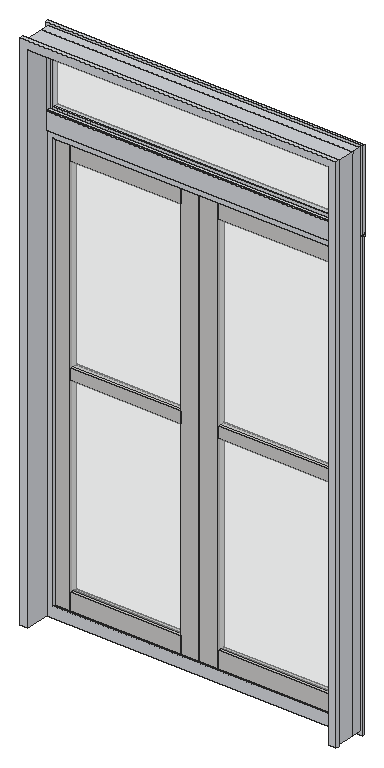
Revit family "APL Residential Thermal Heart French Door with Overlight Open Out", category Doors, host Wall, Revit 2017 (continued)
Definition of nested family "APL Residential Thermal Heart French Door with Overlight Open Out Horizontal Section"
  Definition of nested family "Keeper&Lock Stile"
    Definition of nested family "65240_Rebated Keeper Stile"
      Lines and regions (mm)
        model lines, in view "Ref. Level"
          curve 245: arc (47.479, 7.979, 0) -> (47.128, 7.615, 0) -> (47, 7.126, 0) r 1
          curve 246: arc (47, 5.55, 0) -> (47.128, 5.332, 0) -> (47.38, 5.337, 0) r 0.25
          curve 247: arc (47.466, 5.389, 0) -> (47.572, 5.521, 0) -> (47.569, 5.691, 0) r 0.25
          curve 248: arc (48.823, 6.456, 0) -> (48.898, 6.489, 0) -> (48.979, 6.5, 0) r 0.3
          curve 249: arc (49.5, 6.5, 0) -> (49.658, 6.422, 0) -> (49.694, 6.25, 0) r 0.2
          curve 250: line (49.246, 1.5, 0) -> (47.179, 2.043, 0)
          curve 251: line (47.179, 2.043, 0) -> (46.993, 2.352, 0)
          curve 252: line (46.659, 2.441, 0) -> (46.295, 2.078, 0)
          curve 253: line (46.208, 1.892, 0) -> (46.001, -0.474, 0)
          curve 254: line (46.403, -0.782, 0) -> (47.813, -0.268, 0)
          curve 255: line (48.583, 0, 0) -> (50.3, 0, 0)
          curve 256: line (50.5, -0.2, 0) -> (50.5, -17.5, 0)
          curve 257: line (51, -18, 0) -> (51.5, -18, 0)
          curve 258: line (52, -17.5, 0) -> (52, 86.2, 0)
          curve 259: line (51.6, 86.2, 0) -> (51.6, 86, 0)
          curve 260: line (51.6, 86, 0) -> (43, 86, 0)
          curve 261: line (42.5, 85.5, 0) -> (42.5, 84.25, 0)
          curve 262: line (43.5, 84.25, 0) -> (43.5, 84.8, 0)
          curve 263: line (43.7, 85, 0) -> (44.8, 85, 0)
          curve 264: line (45, 84.8, 0) -> (45, 79.7, 0)
          curve 265: line (44.8, 79.5, 0) -> (43.7, 79.5, 0)
          curve 266: line (43.5, 79.7, 0) -> (43.5, 80.25, 0)
          curve 267: line (42.5, 80.25, 0) -> (42.5, 78.7, 0)
          curve 268: line (42.7, 78.5, 0) -> (46, 78.5, 0)
          curve 269: line (46.5, 79, 0) -> (46.5, 84, 0)
          curve 270: line (47, 84.5, 0) -> (49.6, 84.5, 0)
          curve 271: line (50.1, 84, 0) -> (50.1, 68.5, 0)
          curve 272: line (49.6, 68, 0) -> (44.78, 68, 0)
          curve 273: line (44.58, 67.8, 0) -> (44.58, 67.2, 0)
          curve 274: line (44.38, 67, 0) -> (42.583, 67, 0)
          curve 275: line (41.813, 67.268, 0) -> (40.403, 67.782, 0)
          curve 276: line (40.001, 67.474, 0) -> (40.208, 65.108, 0)
          curve 277: line (40.295, 64.922, 0) -> (40.659, 64.559, 0)
          curve 278: line (40.993, 64.648, 0) -> (41.038, 64.816, 0)
          curve 279: line (41.038, 64.816, 0) -> (43.168, 65.49, 0)
          curve 280: line (43.168, 65.49, 0) -> (43.4, 65.5, 0)
          curve 281: line (43.5, 64.753, 0) -> (43.5, 61.525, 0)
          curve 282: line (43.5, 61.525, 0) -> (43.694, 60.75, 0)
          curve 283: line (43.5, 60.5, 0) -> (42.979, 60.5, 0)
          curve 284: line (42.979, 60.5, 0) -> (41.569, 61.309, 0)
          curve 285: line (41, 61.45, 0) -> (41, 59.874, 0)
          curve 286: line (41.479, 59.021, 0) -> (42.049, 58.673, 0)
          curve 287: line (42.309, 58.6, 0) -> (44.9, 58.6, 0)
          curve 288: line (45.4, 59.1, 0) -> (45.4, 65.091, 0)
          curve 289: line (46.429, 66.1, 0) -> (49.6, 66.1, 0)
          curve 290: line (50.1, 65.6, 0) -> (50.1, 12.4, 0)
          curve 291: line (49.6, 11.9, 0) -> (45.3, 11.9, 0)
          curve 292: line (45.1, 11.7, 0) -> (45.1, 10.1, 0)
          curve 293: line (45.3, 9.9, 0) -> (49.9, 9.9, 0)
          curve 294: line (50.1, 9.7, 0) -> (50.1, 8.7, 0)
          curve 295: line (49.9, 8.5, 0) -> (48.613, 8.5, 0)
          curve 296: line (48.092, 8.354, 0) -> (47.479, 7.979, 0)
          curve 297: line (47, 7.126, 0) -> (47, 5.55, 0)
          curve 298: line (47.569, 5.691, 0) -> (48.823, 6.456, 0)
          curve 299: line (48.823, 6.456, 0) -> (49.5, 6.5, 0)
          curve 300: line (49.694, 6.25, 0) -> (49.506, 5.525, 0)
          curve 301: line (49.506, 5.525, 0) -> (49.5, 2.242, 0)
          curve 302: arc (50.1, 68.5, 0) -> (49.954, 68.146, 0) -> (49.6, 68, 0) r 0.5
      Text (mm)
        text "65240" at (12.231, 108.974, 0), in view "Ref. Level"
Definition of nested family "APL Residential Thermal Heart French Door with Overlight Open Out Vertical Section"
  Parameters (values of type "Groove")
    Sill Liner = no
    Overligth Glass [instance] = Overlight - 66 mm  # 334 mm
    Overlight [instance] = 400 mm
    Liner End [instance] = 10 mm
    Liner Block = Liner : Liner
    Liner [instance] = 100 mm
    Head Liner = yes
    Groove [instance] = 10 mm
    Glass Length [instance] = (Box Height - Overlight) / 2 - 168 mm  # 132 mm
    Box Height [instance] = 1000 mm
  Types (2, lengths in mm): name | Sill Liner | Liner Block
    Groove | no | Liner : Liner
    No Groove | yes | Liner No Groove : Liner No Groove
  Reference planes
    plane 1 "Front": x = -362.196
    plane 2: z = 0
    plane 3 "Center (Elevation)": y = 484.526
    plane 4: y = 884.526
    plane 5: y = -115.474
    plane 6: x = -304.745
    plane 7: y = -120.474
    plane 8: x = -349.196
    plane 9: x = -303.196
    plane 10: x = -344.196
    plane 11: y = 184.526
  Dimensions and locks
    "Box Height": plane 4 to plane 5
    "Liner": plane 6 to nested 1
    locked: plane 5 to plane 7 at 5
    "Liner": plane 9 to nested 5
    locked: plane 8 to plane 10 at 5
    locked: nested 5 to nested 2 at 32.284
    equal spacing: plane 5, plane 11, plane 3 "Center (Elevation)"
    "Overlight": plane 3 "Center (Elevation)" to plane 4
    locked: nested 6 to nested 9 at 6.328
    locked: nested 11 to nested 6 at 6.328
    nested 11 to plane 3 "Center (Elevation)" to nested 9 = 146.137 mm locked, 44.028 mm locked
    nested 6 to plane 3 "Center (Elevation)" to nested 6 = 43.55 mm locked, 43.55 mm locked
    locked: nested 8 to nested 7 at 6.316
    locked: nested 8 to plane 4 at 22.316
    nested 3 to plane 11 to nested 12 = 16.328 mm locked, 16.328 mm locked
    locked: nested 10 to nested 12 at 6.328
    locked: nested 3 to nested 10 at 6.328
    nested 10 to plane 11 to nested 10 = 29 mm locked, 29 mm locked
    locked: nested 2 to nested 4 at 6.328
    locked: plane 5 to nested 4 at 124.395
    locked: nested 7 to nested 1 at 14.6
    aligned and locked: nested 5 to plane 9
    aligned and locked: plane 4 to nested 7
  Nested families
    nested 1: "Liner" at (-303.245, 864.126, 0), a setting <- "Liner Block", End Liner <- "Liner End", Groove <- "Groove", visible <- "Head Liner", type "", in view "Left"
      with built-in parameter 1001306 0.32316 (stored number, unit not read)
    nested 2: "Open Out Head&Sill" at (-349.196, -115.474, 0), type "Sill", in view "Left"
    nested 3: "Glazing Bead" at (-346.557, 168.198, 0), Glass Lenght <- "Glass Length", type "", in view "Left"
      with Glass Lenght 132 mm
    nested 4: "Glazing Bead" at (-346.557, 8.921, 0), Glass Lenght <- "Glass Length", type "", in view "Left"
      with Glass Lenght 132 mm
    nested 5: "Liner" at (-303.196, -94.758, 0), a setting <- "Liner Block", End Liner <- "Liner End", Groove <- "Groove", visible <- "Sill Liner", type "", in view "Left"
      with built-in parameter 1001306 0.32808 (stored number, unit not read)
    nested 6: "Overlight Open Out Detail" at (-331.643, 484.526, 0), type "Open Out Head&Sill", in view "Left"
    nested 7: "65180_Sidelight Frame" at (-319.745, 884.526, 0) x (0, -1, 0) z (0, 0, 1), type "65180_Sidelight Frame", in view "Left"
    nested 8: "Glazing Bead" at (-346.705, 862.21, 0), Glass Lenght <- "Overligth Glass", type "", in view "Left"
      with Glass Lenght 334 mm
    nested 9: "Glazing Bead" at (-346.705, 528.554, 0), Glass Lenght <- "Overligth Glass", type "", in view "Left"
      with Glass Lenght 334 mm
    nested 10: "65290_Vision Rail" at (-335.157, 184.526, 0), type "65290_Vision Rail", in view "Left"
    nested 11: "Glazing Bead" at (-346.557, 338.389, 0), Glass Lenght <- "Glass Length", type "", in view "Left"
      with Glass Lenght 132 mm
    nested 12: "Glazing Bead" at (-346.557, 200.854, 0), Glass Lenght <- "Glass Length", type "", in view "Left"
      with Glass Lenght 132 mm
  Definition of nested family "Liner"
    Parameters (values of type "Liner")
      Type Image = (empty or 0)
      system length 1 [instance] = 100 mm
      Groove [instance] = 10 mm
      End Liner [instance] = 10 mm
    Reference planes
      plane 1 "Center (Front/Back)": y = 0
      plane 2: z = 0
      plane 3 "Left": x = 0
      plane 4 "Right": x = 100
    Lines and regions (mm)
      Filled region 1, type "Brick", in view "Ref. Level"
        outline origin (0, 0, 0) x (1, 0, 0) y (0, 1, 0)
          loop
            line (0, 0) -> (120, 0) -> (120, 19) -> (110, 19) -> (110, 13.435) -> (100, 13.435) -> (100, 19) -> (0, 19) -> (0, 0)
      reference lines, in view "Ref. Level"
        curve 1: line (0, 0, 0) -> (100, 0, 0)
      detail lines, in view "Ref. Level", detail levels fine
        curve 2: line (100, 0, 0) -> (0, 0, 0)
    Dimensions and locks
      "system length 1": plane 3 "Left" to plane 4 "Right"
      locked: Filled region 1 to curve 2 at 19
      "Groove": plane 4 "Right" to Filled region 1
      "End Liner": Filled region 1 to Filled region 1
      aligned and locked: plane 1 "Center (Front/Back)" to curve 1
      aligned and locked: plane 3 "Left" to curve 1
      aligned and locked: plane 4 "Right" to curve 1
      aligned and locked: curve 1 to Filled region 1
      aligned and locked: plane 1 "Center (Front/Back)" to Filled region 1
      aligned and locked: Filled region 1 to plane 3 "Left"
    Automatic sketch dimensions
      curve 2 to plane 4 "Right" = 0 mm
      Filled region 1 sketch curve to plane 3 "Left" = 0 mm
      Filled region 1 sketch curve to plane 4 "Right" = 0 mm
      Filled region 1 sketch curve to Filled region 1 sketch curve = 10 mm  (x2)
      Filled region 1 sketch curve to plane 1 "Center (Front/Back)" = 0 mm
      Filled region 1 sketch curve to plane 1 "Center (Front/Back)" = 13.435 mm
      Filled region 1 sketch curve to Filled region 1 sketch curve = 5.565 mm  (x2)
      curve 2 to plane 3 "Left" = 0 mm
  Definition of nested family "Open Out Head&Sill"
    Reference planes
      plane 1 "Center (Front/Back)": y = 0
      plane 2: z = 0
      plane 3 "Center (Left/Right)": x = 0
    Lines and regions (mm)
      detail lines, in view "Ref. Level"
        curve 1: arc (27.921, 138.423, 0) -> (27.611, 138.563, 0) -> (27.449, 138.264, 0) r 0.25
        curve 2: arc (27.475, 128.376, 0) -> (27.637, 128.077, 0) -> (27.948, 128.217, 0) r 0.25
        curve 3: line (27.449, 138.264, 0) -> (28.443, 134.396, 0)
        curve 4: line (28.443, 134.396, 0) -> (27.439, 133.817, 0)
        curve 5: line (27.439, 133.817, 0) -> (27.439, 132.817, 0)
        curve 6: line (27.439, 132.817, 0) -> (28.465, 132.225, 0)
        curve 7: line (28.465, 132.225, 0) -> (27.475, 128.376, 0)
        curve 8: line (27.948, 128.217, 0) -> (29.672, 132.317, 0)
        curve 9: line (29.672, 132.317, 0) -> (30.939, 132.317, 0)
        curve 10: line (30.939, 132.317, 0) -> (30.939, 131.067, 0)
        curve 11: line (30.939, 131.067, 0) -> (31.939, 131.067, 0)
        curve 12: line (31.939, 131.067, 0) -> (31.939, 135.567, 0)
        curve 13: line (31.939, 135.567, 0) -> (30.939, 135.567, 0)
        curve 14: line (30.939, 135.567, 0) -> (30.939, 134.317, 0)
        curve 15: line (30.939, 134.317, 0) -> (29.647, 134.317, 0)
        curve 16: line (29.647, 134.317, 0) -> (27.921, 138.423, 0)
        curve 17: arc (27.921, 135.423, 0) -> (27.611, 135.563, 0) -> (27.449, 135.264, 0) r 0.25
        curve 18: arc (27.475, 125.376, 0) -> (27.637, 125.077, 0) -> (27.948, 125.217, 0) r 0.25
        curve 19: line (27.449, 135.264, 0) -> (28.443, 131.396, 0)
        curve 20: line (28.443, 131.396, 0) -> (27.439, 130.817, 0)
        curve 21: line (27.439, 130.817, 0) -> (27.439, 129.817, 0)
        curve 22: line (27.439, 129.817, 0) -> (28.465, 129.225, 0)
        curve 23: line (28.465, 129.225, 0) -> (27.475, 125.376, 0)
        curve 24: line (27.948, 125.217, 0) -> (29.672, 129.317, 0)
        curve 25: line (29.672, 129.317, 0) -> (30.939, 129.317, 0)
        curve 26: line (30.939, 129.317, 0) -> (30.939, 128.067, 0)
        curve 27: line (30.939, 128.067, 0) -> (31.939, 128.067, 0)
        curve 28: line (31.939, 128.067, 0) -> (31.939, 132.567, 0)
        curve 29: line (31.939, 132.567, 0) -> (30.939, 132.567, 0)
        curve 30: line (30.939, 132.567, 0) -> (30.939, 131.317, 0)
        curve 31: line (30.939, 131.317, 0) -> (29.647, 131.317, 0)
        curve 32: line (29.647, 131.317, 0) -> (27.921, 135.423, 0)
        curve 33: arc (43.239, 49.459, 0) -> (43.098, 49.401, 0) -> (43.039, 49.259, 0) r 0.2
        curve 34: arc (43.039, 46.539, 0) -> (42.981, 46.398, 0) -> (42.839, 46.339, 0) r 0.2
        curve 35: arc (41.739, 46.339, 0) -> (41.032, 46.632, 0) -> (40.739, 47.339, 0) r 1
        curve 36: arc (40.304, 45.421, 0) -> (39.422, 44.539, 0) -> (38.539, 45.421, 0) r 0.882
        curve 37: arc (38.539, 47.651, 0) -> (38.545, 47.752, 0) -> (38.56, 47.852, 0) r 1
        curve 38: arc (39.401, 51.942, 0) -> (39.95, 52.665, 0) -> (40.814, 52.939, 0) r 1.5
        curve 39: arc (42.039, 52.939, 0) -> (42.747, 52.646, 0) -> (43.039, 51.939, 0) r 1
        curve 40: arc (47.988, 51.439, 0) -> (48.168, 51.327, 0) -> (48.146, 51.116, 0) r 0.2
        curve 41: arc (46.796, 48.416, 0) -> (46.657, 48.31, 0) -> (46.487, 48.354, 0) r 0.2
        curve 42: line (43.039, 49.259, 0) -> (43.039, 46.539, 0)
        curve 43: line (42.839, 46.339, 0) -> (42.439, 46.339, 0)
        curve 44: line (42.439, 46.339, 0) -> (41.739, 46.339, 0)
        curve 45: line (40.739, 47.339, 0) -> (40.739, 50.344, 0)
        curve 46: line (40.739, 50.344, 0) -> (40.312, 47.702, 0)
        curve 47: line (40.312, 47.702, 0) -> (40.304, 45.421, 0)
        curve 48: line (38.539, 45.421, 0) -> (38.539, 47.651, 0)
        curve 49: line (38.56, 47.852, 0) -> (39.401, 51.942, 0)
        curve 50: line (40.944, 52.939, 0) -> (42.039, 52.939, 0)
        curve 51: line (43.039, 51.939, 0) -> (43.039, 51.439, 0)
        curve 52: line (43.039, 51.439, 0) -> (47.988, 51.439, 0)
        curve 53: line (48.146, 51.116, 0) -> (46.796, 48.416, 0)
        curve 54: line (46.487, 48.354, 0) -> (45.203, 49.459, 0)
        curve 55: arc (45.203, 49.459, 0) -> (44.221, 49.592, 0) -> (43.239, 49.459, 0) r 3.701
        curve 56: arc (48.146, 51.116, 0) -> (48.168, 51.327, 0) -> (47.988, 51.439, 0) r 0.2
        curve 57: arc (43.239, 46.459, 0) -> (43.098, 46.401, 0) -> (43.039, 46.259, 0) r 0.2
        curve 58: arc (43.039, 43.539, 0) -> (42.981, 43.398, 0) -> (42.839, 43.339, 0) r 0.2
        curve 59: arc (41.739, 43.339, 0) -> (41.032, 43.632, 0) -> (40.739, 44.339, 0) r 1
        curve 60: arc (40.304, 42.421, 0) -> (39.422, 41.539, 0) -> (38.539, 42.421, 0) r 0.882
        curve 61: arc (38.539, 44.651, 0) -> (38.545, 44.752, 0) -> (38.56, 44.852, 0) r 1
        curve 62: arc (39.401, 48.942, 0) -> (39.95, 49.665, 0) -> (40.814, 49.939, 0) r 1.5
        curve 63: arc (42.039, 49.939, 0) -> (42.747, 49.646, 0) -> (43.039, 48.939, 0) r 1
        curve 64: arc (47.988, 48.439, 0) -> (48.168, 48.327, 0) -> (48.146, 48.116, 0) r 0.2
        curve 65: arc (46.796, 45.416, 0) -> (46.657, 45.31, 0) -> (46.487, 45.354, 0) r 0.2
        curve 66: line (43.039, 46.259, 0) -> (43.039, 43.539, 0)
        curve 67: line (42.839, 43.339, 0) -> (42.439, 43.339, 0)
        curve 68: line (42.439, 43.339, 0) -> (41.739, 43.339, 0)
        curve 69: line (40.739, 44.339, 0) -> (40.739, 47.344, 0)
        curve 70: line (40.739, 47.344, 0) -> (40.312, 44.702, 0)
        curve 71: line (40.312, 44.702, 0) -> (40.304, 42.421, 0)
        curve 72: line (38.539, 42.421, 0) -> (38.539, 44.651, 0)
        curve 73: line (38.56, 44.852, 0) -> (39.401, 48.942, 0)
        curve 74: line (40.944, 49.939, 0) -> (42.039, 49.939, 0)
        curve 75: line (43.039, 48.939, 0) -> (43.039, 48.439, 0)
        curve 76: line (43.039, 48.439, 0) -> (47.988, 48.439, 0)
        curve 77: line (48.146, 48.116, 0) -> (46.796, 45.416, 0)
        curve 78: line (46.487, 45.354, 0) -> (45.203, 46.459, 0)
        curve 79: arc (45.203, 46.459, 0) -> (44.221, 46.592, 0) -> (43.239, 46.459, 0) r 3.701
        curve 80: arc (48.146, 48.116, 0) -> (48.168, 48.327, 0) -> (47.988, 48.439, 0) r 0.2
    Nested families
      nested 1: "65310_Open Out Frame" at (0, 0, 0), type "65310_Open Out Frame", in view "Ref. Level"
      nested 2: "65200_Rail" at (-12.861, 40.067, 0), type "65200_Rail", in view "Ref. Level"
    Definition of nested family "65310_Open Out Frame"
      Reference planes
        plane 1 "Center (Front/Back)": y = 0
        plane 2: z = 0
        plane 3 "Center (Left/Right)": x = 0
      Lines and regions (mm)
        model lines, in view "Ref. Level"
          curve 1: arc (25.4, 8.561, 0) -> (25.517, 8.844, 0) -> (25.8, 8.961, 0) r 0.4
          curve 2: arc (26.093, 8.961, 0) -> (26.196, 8.947, 0) -> (26.293, 8.907, 0) r 0.4
          curve 3: arc (27.821, 8.022, 0) -> (28.111, 7.902, 0) -> (28.422, 7.861, 0) r 1.2
          curve 4: arc (29.345, 7.861, 0) -> (29.918, 7.68, 0) -> (30.284, 7.203, 0) r 1
          curve 5: arc (31.077, 5.024, 0) -> (31.224, 4.833, 0) -> (31.453, 4.761, 0) r 0.4
          curve 6: arc (37.947, 4.761, 0) -> (38.176, 4.833, 0) -> (38.323, 5.024, 0) r 0.4
          curve 7: arc (39.116, 7.203, 0) -> (39.482, 7.68, 0) -> (40.055, 7.861, 0) r 1
          curve 8: arc (40.978, 7.861, 0) -> (41.289, 7.902, 0) -> (41.579, 8.022, 0) r 1.2
          curve 9: arc (43.107, 8.907, 0) -> (43.204, 8.947, 0) -> (43.307, 8.961, 0) r 0.4
          curve 10: arc (43.6, 8.961, 0) -> (43.883, 8.844, 0) -> (44, 8.561, 0) r 0.4
          curve 11: arc (44, 5.161, 0) -> (43.883, 4.878, 0) -> (43.6, 4.761, 0) r 0.4
          curve 12: arc (43.307, 4.761, 0) -> (43.204, 4.775, 0) -> (43.107, 4.815, 0) r 0.4
          curve 13: arc (41.579, 5.699, 0) -> (41.285, 5.821, 0) -> (40.97, 5.861, 0) r 1.2
          curve 14: arc (40.97, 5.861, 0) -> (40.795, 5.808, 0) -> (40.684, 5.664, 0) r 0.3
          curve 15: arc (39.796, 3.224, 0) -> (39.649, 3.033, 0) -> (39.42, 2.961, 0) r 0.4
          curve 16: arc (29.98, 2.961, 0) -> (29.751, 3.033, 0) -> (29.604, 3.224, 0) r 0.4
          curve 17: arc (28.716, 5.664, 0) -> (28.605, 5.808, 0) -> (28.43, 5.861, 0) r 0.3
          curve 18: arc (28.43, 5.861, 0) -> (28.115, 5.821, 0) -> (27.821, 5.699, 0) r 1.2
          curve 19: arc (26.293, 4.815, 0) -> (26.196, 4.775, 0) -> (26.093, 4.761, 0) r 0.4
          curve 20: arc (25.8, 4.761, 0) -> (25.517, 4.878, 0) -> (25.4, 5.161, 0) r 0.4
          curve 21: line (25.8, 8.961, 0) -> (26.093, 8.961, 0)
          curve 22: line (26.293, 8.907, 0) -> (27.821, 8.022, 0)
          curve 23: line (28.422, 7.861, 0) -> (29.345, 7.861, 0)
          curve 24: line (30.284, 7.203, 0) -> (31.077, 5.024, 0)
          curve 25: line (31.453, 4.761, 0) -> (37.947, 4.761, 0)
          curve 26: line (38.323, 5.024, 0) -> (39.116, 7.203, 0)
          curve 27: line (40.055, 7.861, 0) -> (40.978, 7.861, 0)
          curve 28: line (41.579, 8.022, 0) -> (43.107, 8.907, 0)
          curve 29: line (43.307, 8.961, 0) -> (43.6, 8.961, 0)
          curve 30: line (44, 8.561, 0) -> (44, 5.161, 0)
          curve 31: line (43.6, 4.761, 0) -> (43.307, 4.761, 0)
          curve 32: line (43.107, 4.815, 0) -> (41.579, 5.699, 0)
          curve 33: line (40.684, 5.664, 0) -> (39.796, 3.224, 0)
          curve 34: line (39.42, 2.961, 0) -> (29.98, 2.961, 0)
          curve 35: line (29.604, 3.224, 0) -> (28.716, 5.664, 0)
          curve 36: line (27.821, 5.699, 0) -> (26.293, 4.815, 0)
          curve 37: line (26.093, 4.761, 0) -> (25.8, 4.761, 0)
          curve 38: line (25.4, 5.161, 0) -> (25.4, 8.561, 0)
          curve 39: arc (50, 52.5, 0) -> (49.854, 52.854, 0) -> (49.5, 53, 0) r 0.5
          curve 40: arc (43.2, 53, 0) -> (43.059, 52.941, 0) -> (43, 52.8, 0) r 0.2
          curve 41: arc (43, 51.6, 0) -> (43.059, 51.459, 0) -> (43.2, 51.4, 0) r 0.2
          curve 42: arc (48.3, 51.4, 0) -> (48.441, 51.341, 0) -> (48.5, 51.2, 0) r 0.2
          curve 43: arc (48.5, 48.1, 0) -> (48.441, 47.959, 0) -> (48.3, 47.9, 0) r 0.2
          curve 44: arc (45, 48.65, 0) -> (44.846, 48.881, 0) -> (44.573, 48.827, 0) r 0.25
          curve 45: arc (43, 44.6, 0) -> (43.059, 44.459, 0) -> (43.2, 44.4, 0) r 0.2
          curve 46: arc (43.2, 44.4, 0) -> (43.766, 44.634, 0) -> (44, 45.2, 0) r 0.8
          curve 47: arc (46.4, 46, 0) -> (46.8, 45.6, 0) -> (47.2, 46, 0) r 0.4
          curve 48: arc (46.2, 33.5, 0) -> (46.054, 33.854, 0) -> (45.7, 34, 0) r 0.5
          curve 49: arc (44, 34, 0) -> (43.293, 33.707, 0) -> (43, 33, 0) r 1
          curve 50: arc (43, 32.9, 0) -> (43.088, 32.688, 0) -> (43.3, 32.6, 0) r 0.3
          curve 51: arc (44.858, 32.6, 0) -> (45.363, 31.878, 0) -> (46.2, 31.6, 0) r 1.4
          curve 52: arc (47.9, 31.6, 0) -> (48.041, 31.541, 0) -> (48.1, 31.4, 0) r 0.2
          curve 53: arc (48.1, 26.5, 0) -> (47.807, 25.793, 0) -> (47.1, 25.5, 0) r 1
          curve 54: arc (43.083, 25.5, 0) -> (42.778, 25.301, 0) -> (42.505, 25.543, 0) r 0.3
          curve 55: arc (42.505, 25.543, 0) -> (42.439, 25.681, 0) -> (42.313, 25.768, 0) r 0.3
          curve 56: arc (40.903, 26.282, 0) -> (40.617, 26.238, 0) -> (40.501, 25.974, 0) r 0.3
          curve 57: arc (40.708, 23.608, 0) -> (40.735, 23.508, 0) -> (40.795, 23.422, 0) r 0.3
          curve 58: arc (41.159, 23.059, 0) -> (41.352, 23.007, 0) -> (41.493, 23.148, 0) r 0.2
          curve 59: arc (41.538, 23.316, 0) -> (41.59, 23.405, 0) -> (41.679, 23.457, 0) r 0.2
          curve 60: arc (43.9, 24, 0) -> (44.18, 23.807, 0) -> (44.1, 23.476, 0) r 0.3
          curve 61: arc (44.1, 23.476, 0) -> (44.026, 23.375, 0) -> (44, 23.253, 0) r 0.3
          curve 62: arc (44.194, 19.25, 0) -> (44.158, 19.078, 0) -> (44, 19, 0) r 0.2
          curve 63: arc (43.479, 19, 0) -> (43.398, 19.011, 0) -> (43.323, 19.044, 0) r 0.3
          curve 64: arc (42.069, 19.809, 0) -> (42.072, 19.979, 0) -> (41.966, 20.111, 0) r 0.25
          curve 65: arc (41.88, 20.163, 0) -> (41.65, 20.179, 0) -> (41.505, 20, 0) r 0.25
          curve 66: arc (41.255, 20, 0) -> (41.114, 19.941, 0) -> (41.055, 19.8, 0) r 0.2
          curve 67: arc (41.055, 18.984, 0) -> (41.102, 18.772, 0) -> (41.235, 18.6, 0) r 0.5
          curve 68: arc (43.92, 16.362, 0) -> (44.053, 16.19, 0) -> (44.1, 15.978, 0) r 0.5
          curve 69: arc (44.1, 12.522, 0) -> (44.053, 12.31, 0) -> (43.92, 12.138, 0) r 0.5
          curve 70: arc (41.235, 9.9, 0) -> (41.102, 9.728, 0) -> (41.055, 9.516, 0) r 0.5
          curve 71: arc (41.055, 8.7, 0) -> (41.114, 8.559, 0) -> (41.255, 8.5, 0) r 0.2
          curve 72: arc (41.505, 8.5, 0) -> (41.65, 8.321, 0) -> (41.88, 8.337, 0) r 0.25
          curve 73: arc (41.966, 8.389, 0) -> (42.072, 8.521, 0) -> (42.069, 8.691, 0) r 0.25
          curve 74: arc (43.322, 9.456, 0) -> (43.398, 9.489, 0) -> (43.479, 9.5, 0) r 0.3
          curve 75: arc (44, 9.5, 0) -> (44.158, 9.422, 0) -> (44.194, 9.25, 0) r 0.2
          curve 76: arc (44, 5.247, 0) -> (44.026, 5.125, 0) -> (44.1, 5.024, 0) r 0.3
          curve 77: arc (44.1, 5.024, 0) -> (44.18, 4.693, 0) -> (43.9, 4.5, 0) r 0.3
          curve 78: arc (41.679, 5.043, 0) -> (41.59, 5.095, 0) -> (41.538, 5.184, 0) r 0.2
          curve 79: arc (41.493, 5.352, 0) -> (41.352, 5.493, 0) -> (41.159, 5.441, 0) r 0.2
          curve 80: arc (40.795, 5.078, 0) -> (40.735, 4.992, 0) -> (40.708, 4.892, 0) r 0.3
          curve 81: arc (40.501, 2.526, 0) -> (40.617, 2.262, 0) -> (40.903, 2.218, 0) r 0.3
          curve 82: arc (42.313, 2.732, 0) -> (42.439, 2.819, 0) -> (42.505, 2.957, 0) r 0.3
          curve 83: arc (42.505, 2.957, 0) -> (42.778, 3.199, 0) -> (43.083, 3, 0) r 0.3
          curve 84: arc (44.4, 3, 0) -> (44.541, 2.941, 0) -> (44.6, 2.8, 0) r 0.2
          curve 85: arc (44.6, 1.3, 0) -> (44.981, 0.381, 0) -> (45.9, 0, 0) r 1.3
          curve 86: arc (55.35, 0, 0) -> (56, 0.65, 0) -> (55.35, 1.3, 0) r 0.65
          curve 87: arc (46, 23.1, 0) -> (46.146, 23.454, 0) -> (46.5, 23.6, 0) r 0.5
          curve 88: arc (48.1, 23.6, 0) -> (48.454, 23.454, 0) -> (48.6, 23.1, 0) r 0.5
          curve 89: arc (48.6, 21.2, 0) -> (48.746, 20.846, 0) -> (49.1, 20.7, 0) r 0.5
          curve 90: arc (49.5, 20.7, 0) -> (49.854, 20.846, 0) -> (50, 21.2, 0) r 0.5
          curve 91: line (49.5, 53, 0) -> (43.2, 53, 0)
          curve 92: line (43, 52.8, 0) -> (43, 51.6, 0)
          curve 93: line (43.2, 51.4, 0) -> (48.3, 51.4, 0)
          curve 94: line (48.5, 51.2, 0) -> (48.5, 48.1, 0)
          curve 95: line (48.3, 47.9, 0) -> (45, 47.9, 0)
          curve 96: line (45, 47.9, 0) -> (45, 48.65, 0)
          curve 97: line (44.573, 48.827, 0) -> (43.059, 47.312, 0)
          curve 98: line (43.059, 47.312, 0) -> (43, 44.6, 0)
          curve 99: line (44, 45.2, 0) -> (44, 46.5, 0)
          curve 100: line (44, 46.5, 0) -> (46.4, 46.5, 0)
          curve 101: line (46.4, 46.5, 0) -> (46.4, 46, 0)
          curve 102: line (47.2, 46, 0) -> (47.2, 46.5, 0)
          curve 103: line (47.2, 46.5, 0) -> (48.5, 46.5, 0)
          curve 104: line (48.5, 46.5, 0) -> (48.5, 33, 0)
          curve 105: line (48.5, 33, 0) -> (46.2, 33, 0)
          curve 106: line (46.2, 33, 0) -> (46.2, 33.5, 0)
          curve 107: line (45.7, 34, 0) -> (44, 34, 0)
          curve 108: line (43.3, 32.6, 0) -> (44.858, 32.6, 0)
          curve 109: line (46.2, 31.6, 0) -> (47.9, 31.6, 0)
          curve 110: line (48.1, 31.4, 0) -> (48.1, 26.5, 0)
          curve 111: line (47.1, 25.5, 0) -> (43.083, 25.5, 0)
          curve 112: line (42.313, 25.768, 0) -> (40.903, 26.282, 0)
          curve 113: line (40.501, 25.974, 0) -> (40.708, 23.608, 0)
          curve 114: line (40.795, 23.422, 0) -> (41.159, 23.059, 0)
          curve 115: line (41.493, 23.148, 0) -> (41.538, 23.316, 0)
          curve 116: line (41.538, 23.316, 0) -> (43.668, 23.99, 0)
          curve 117: line (43.668, 23.99, 0) -> (43.9, 24, 0)
          curve 118: line (44, 23.253, 0) -> (44, 20.025, 0)
          curve 119: line (44, 20.025, 0) -> (44.194, 19.25, 0)
          curve 120: line (44, 19, 0) -> (43.479, 19, 0)
          curve 121: line (43.479, 19, 0) -> (42.069, 19.809, 0)
          curve 122: line (41.505, 20, 0) -> (41.255, 20, 0)
          curve 123: line (41.055, 19.8, 0) -> (41.055, 18.984, 0)
          curve 124: line (41.235, 18.6, 0) -> (43.92, 16.362, 0)
          curve 125: line (44.1, 15.978, 0) -> (44.1, 12.522, 0)
          curve 126: line (43.92, 12.138, 0) -> (41.235, 9.9, 0)
          curve 127: line (41.055, 9.516, 0) -> (41.055, 8.7, 0)
          curve 128: line (41.255, 8.5, 0) -> (41.505, 8.5, 0)
          curve 129: line (42.069, 8.691, 0) -> (43.322, 9.456, 0)
          curve 130: line (43.322, 9.456, 0) -> (44, 9.5, 0)
          curve 131: line (44.194, 9.25, 0) -> (44.006, 8.525, 0)
          curve 132: line (44.006, 8.525, 0) -> (44, 5.247, 0)
          curve 133: line (43.746, 4.5, 0) -> (41.679, 5.043, 0)
          curve 134: line (41.679, 5.043, 0) -> (41.493, 5.352, 0)
          curve 135: line (41.159, 5.441, 0) -> (40.795, 5.078, 0)
          curve 136: line (40.708, 4.892, 0) -> (40.501, 2.526, 0)
          curve 137: line (40.903, 2.218, 0) -> (42.313, 2.732, 0)
          curve 138: line (43.083, 3, 0) -> (44.4, 3, 0)
          curve 139: line (44.6, 2.8, 0) -> (44.6, 1.3, 0)
          curve 140: line (45.9, 0, 0) -> (47.7, 0, 0)
          curve 141: line (47.7, 0, 0) -> (48, 0.3, 0)
          curve 142: line (48, 0.3, 0) -> (53.25, 0.3, 0)
          curve 143: line (53.25, 0.3, 0) -> (53.55, 0, 0)
          curve 144: line (53.55, 0, 0) -> (55.35, 0, 0)
          curve 145: line (55.35, 1.3, 0) -> (46, 1.3, 0)
          curve 146: line (46, 1.3, 0) -> (46, 23.1, 0)
          curve 147: line (46.5, 23.6, 0) -> (48.1, 23.6, 0)
          curve 148: line (48.6, 23.1, 0) -> (48.6, 21.2, 0)
          curve 149: line (49.1, 20.7, 0) -> (49.5, 20.7, 0)
          curve 150: line (50, 21.2, 0) -> (50, 52.5, 0)
          curve 151: arc (-4.1, 23.1, 0) -> (-4.241, 23.159, 0) -> (-4.3, 23.3, 0) r 0.2
          curve 152: arc (-4.3, 23.9, 0) -> (-4.359, 24.041, 0) -> (-4.5, 24.1, 0) r 0.2
          curve 153: arc (-4.875, 24.1, 0) -> (-5.496, 24.182, 0) -> (-6.075, 24.422, 0) r 2.4
          curve 154: arc (-13.9, 27.9, 0) -> (-14.041, 27.841, 0) -> (-14.1, 27.7, 0) r 0.2
          curve 155: arc (-14.1, -0.131, 0) -> (-13.951, -0.808, 0) -> (-13.528, -1.359, 0) r 1.6
          curve 156: arc (-7.044, -6.8, 0) -> (-6.701, -6.916, 0) -> (-6.369, -6.77, 0) r 0.5
          curve 157: arc (-1.693, -2.094, 0) -> (-1.476, -1.769, 0) -> (-1.4, -1.386, 0) r 1
          curve 158: arc (-1.4, 3.2, 0) -> (-0.844, 4.544, 0) -> (0.5, 5.1, 0) r 1.9
          curve 159: arc (23.3, 5.1, 0) -> (23.441, 5.159, 0) -> (23.5, 5.3, 0) r 0.2
          curve 160: arc (23.5, 16.1, 0) -> (23.441, 16.241, 0) -> (23.3, 16.3, 0) r 0.2
          curve 161: arc (18.3, 16.3, 0) -> (18.159, 16.359, 0) -> (18.1, 16.5, 0) r 0.2
          curve 162: arc (18.1, 17.7, 0) -> (18.159, 17.841, 0) -> (18.3, 17.9, 0) r 0.2
          curve 163: arc (23.3, 17.9, 0) -> (23.441, 17.959, 0) -> (23.5, 18.1, 0) r 0.2
          curve 164: arc (23.5, 23.9, 0) -> (23.441, 24.041, 0) -> (23.3, 24.1, 0) r 0.2
          curve 165: arc (16.301, 24.1, 0) -> (16.159, 24.042, 0) -> (16.1, 23.9, 0) r 0.2
          curve 166: arc (16.1, 23.3, 0) -> (16.041, 23.159, 0) -> (15.9, 23.1, 0) r 0.2
          curve 167: arc (11.3, 23.1, 0) -> (11.159, 23.159, 0) -> (11.1, 23.3, 0) r 0.2
          curve 168: arc (11.1, 23.9, 0) -> (11.041, 24.041, 0) -> (10.9, 24.1, 0) r 0.2
          curve 169: arc (2.7, 24.1, 0) -> (2.559, 24.041, 0) -> (2.5, 23.9, 0) r 0.2
          curve 170: arc (2.5, 16.5, 0) -> (2.441, 16.359, 0) -> (2.3, 16.3, 0) r 0.2
          curve 171: arc (1.3, 16.3, 0) -> (1.159, 16.359, 0) -> (1.1, 16.5, 0) r 0.2
          curve 172: arc (1.1, 22.9, 0) -> (1.041, 23.041, 0) -> (0.9, 23.1, 0) r 0.2
          curve 173: arc (26.317, 25.5, 0) -> (26.622, 25.301, 0) -> (26.895, 25.543, 0) r 0.3
          curve 174: arc (26.895, 25.543, 0) -> (26.961, 25.681, 0) -> (27.087, 25.768, 0) r 0.3
          curve 175: arc (28.497, 26.282, 0) -> (28.783, 26.238, 0) -> (28.899, 25.974, 0) r 0.3
          curve 176: arc (28.692, 23.608, 0) -> (28.665, 23.508, 0) -> (28.605, 23.422, 0) r 0.3
          curve 177: arc (28.241, 23.059, 0) -> (28.048, 23.007, 0) -> (27.907, 23.148, 0) r 0.2
          curve 178: arc (27.862, 23.316, 0) -> (27.81, 23.405, 0) -> (27.721, 23.457, 0) r 0.2
          curve 179: arc (25.5, 24, 0) -> (25.22, 23.807, 0) -> (25.3, 23.476, 0) r 0.3
          curve 180: arc (25.3, 23.476, 0) -> (25.374, 23.375, 0) -> (25.4, 23.253, 0) r 0.3
          curve 181: arc (25.206, 19.25, 0) -> (25.242, 19.078, 0) -> (25.4, 19, 0) r 0.2
          curve 182: arc (25.921, 19, 0) -> (26.002, 19.011, 0) -> (26.077, 19.044, 0) r 0.3
          curve 183: arc (27.331, 19.809, 0) -> (27.328, 19.979, 0) -> (27.434, 20.111, 0) r 0.25
          curve 184: arc (27.52, 20.163, 0) -> (27.75, 20.179, 0) -> (27.895, 20, 0) r 0.25
          curve 185: arc (28.145, 20, 0) -> (28.286, 19.941, 0) -> (28.345, 19.8, 0) r 0.2
          curve 186: arc (28.345, 18.984, 0) -> (28.298, 18.772, 0) -> (28.165, 18.6, 0) r 0.5
          curve 187: arc (25.58, 16.446, 0) -> (25.447, 16.274, 0) -> (25.4, 16.062, 0) r 0.5
          curve 188: arc (25.4, 12.438, 0) -> (25.447, 12.226, 0) -> (25.58, 12.054, 0) r 0.5
          curve 189: arc (28.165, 9.9, 0) -> (28.298, 9.728, 0) -> (28.345, 9.516, 0) r 0.5
          curve 190: arc (28.345, 8.7, 0) -> (28.286, 8.559, 0) -> (28.145, 8.5, 0) r 0.2
          curve 191: arc (27.895, 8.5, 0) -> (27.75, 8.321, 0) -> (27.52, 8.337, 0) r 0.25
          curve 192: arc (27.434, 8.389, 0) -> (27.328, 8.521, 0) -> (27.331, 8.691, 0) r 0.25
          curve 193: arc (26.078, 9.456, 0) -> (26.002, 9.489, 0) -> (25.921, 9.5, 0) r 0.3
          curve 194: arc (25.4, 9.5, 0) -> (25.242, 9.422, 0) -> (25.206, 9.25, 0) r 0.2
          curve 195: arc (25.4, 5.247, 0) -> (25.374, 5.125, 0) -> (25.3, 5.024, 0) r 0.3
          curve 196: arc (25.3, 5.024, 0) -> (25.22, 4.693, 0) -> (25.5, 4.5, 0) r 0.3
          curve 197: arc (27.721, 5.043, 0) -> (27.81, 5.095, 0) -> (27.862, 5.184, 0) r 0.2
          curve 198: arc (27.907, 5.352, 0) -> (28.048, 5.493, 0) -> (28.241, 5.441, 0) r 0.2
          curve 199: arc (28.605, 5.078, 0) -> (28.665, 4.992, 0) -> (28.692, 4.892, 0) r 0.3
          curve 200: arc (28.899, 2.526, 0) -> (28.783, 2.262, 0) -> (28.497, 2.218, 0) r 0.3
          curve 201: arc (27.087, 2.732, 0) -> (26.961, 2.819, 0) -> (26.895, 2.957, 0) r 0.3
          curve 202: arc (26.895, 2.957, 0) -> (26.622, 3.199, 0) -> (26.317, 3, 0) r 0.3
          curve 203: arc (24, 3, 0) -> (23.704, 3.097, 0) -> (23.523, 3.35, 0) r 0.5
          curve 204: arc (23.523, 3.35, 0) -> (23.342, 3.603, 0) -> (23.046, 3.7, 0) r 0.5
          curve 205: arc (0.5, 3.7, 0) -> (0.146, 3.554, 0) -> (0, 3.2, 0) r 0.5
          curve 206: arc (0, -1.801, 0) -> (-0.107, -2.336, 0) -> (-0.41, -2.791, 0) r 1.4
          curve 207: arc (-5.407, -7.787, 0) -> (-5.624, -8.112, 0) -> (-5.7, -8.495, 0) r 1
          curve 208: arc (-5.7, -14.159, 0) -> (-5.623, -14.316, 0) -> (-5.452, -14.353, 0) r 0.2
          curve 209: arc (-5.452, -14.353, 0) -> (-4.643, -14.677, 0) -> (-4.687, -15.548, 0) r 0.75
          curve 210: arc (-4.687, -15.548, 0) -> (-5.025, -16.505, 0) -> (-4.687, -17.462, 0) r 1.525
          curve 211: arc (-4.687, -17.462, 0) -> (-4.594, -17.613, 0) -> (-4.539, -17.781, 0) r 0.75
          curve 212: arc (-4.539, -17.781, 0) -> (-4.442, -17.992, 0) -> (-4.26, -18.136, 0) r 0.5
          curve 213: arc (-4.26, -18.136, 0) -> (-3.5, -18.305, 0) -> (-2.74, -18.137, 0) r 1.8
          curve 214: arc (-2.74, -18.137, 0) -> (-2.558, -17.992, 0) -> (-2.461, -17.78, 0) r 0.5
          curve 215: arc (-2.461, -17.78, 0) -> (-2.406, -17.612, 0) -> (-2.312, -17.461, 0) r 0.737
          curve 216: arc (-2.312, -17.461, 0) -> (-1.975, -16.505, 0) -> (-2.312, -15.549, 0) r 1.525
          curve 217: arc (-2.312, -15.549, 0) -> (-2.2, -14.512, 0) -> (-1.163, -14.624, 0) r 0.737
          curve 218: arc (-1.163, -14.624, 0) -> (-0.507, -16.296, 0) -> (-0.924, -18.044, 0) r 3
          curve 219: arc (-0.924, -18.044, 0) -> (-0.93, -18.547, 0) -> (-0.495, -18.8, 0) r 0.5
          curve 220: arc (-0.2, -18.8, 0) -> (-0.059, -18.859, 0) -> (0, -19, 0) r 0.2
          curve 221: arc (0, -19.8, 0) -> (-0.059, -19.941, 0) -> (-0.2, -20, 0) r 0.2
          curve 222: arc (-6, -20, 0) -> (-6.707, -19.707, 0) -> (-7, -19, 0) r 1
          curve 223: arc (-7, -10.063, 0) -> (-7.281, -8.795, 0) -> (-8.072, -7.765, 0) r 3
          curve 224: arc (-14.428, -2.431, 0) -> (-15.219, -1.401, 0) -> (-15.5, -0.133, 0) r 3
          curve 225: arc (-15.5, 33, 0) -> (-15.207, 33.707, 0) -> (-14.5, 34, 0) r 1
          curve 226: arc (-12.1, 34, 0) -> (-11.393, 33.707, 0) -> (-11.1, 33, 0) r 1
          curve 227: arc (-11.1, 32.9, 0) -> (-11.188, 32.688, 0) -> (-11.4, 32.6, 0) r 0.3
          curve 228: arc (-12.1, 29.3, 0) -> (-11.738, 29.252, 0) -> (-11.4, 29.112, 0) r 1.4
          curve 229: arc (-5.375, 25.634, 0) -> (-5.134, 25.534, 0) -> (-4.875, 25.5, 0) r 1
          curve 230: line (0.9, 23.1, 0) -> (-4.1, 23.1, 0)
          curve 231: line (-4.3, 23.3, 0) -> (-4.3, 23.9, 0)
          curve 232: line (-4.5, 24.1, 0) -> (-4.875, 24.1, 0)
          curve 233: line (-6.075, 24.422, 0) -> (-12.054, 27.873, 0)
          curve 234: line (-12.054, 27.873, 0) -> (-13.9, 27.9, 0)
          curve 235: line (-14.1, 27.7, 0) -> (-14.1, -0.131, 0)
          curve 236: line (-13.528, -1.359, 0) -> (-7.044, -6.8, 0)
          curve 237: line (-6.369, -6.77, 0) -> (-1.693, -2.094, 0)
          curve 238: line (-1.4, -1.386, 0) -> (-1.4, 3.2, 0)
          curve 239: line (0.5, 5.1, 0) -> (23.3, 5.1, 0)
          curve 240: line (23.5, 5.3, 0) -> (23.5, 16.1, 0)
          curve 241: line (23.3, 16.3, 0) -> (18.3, 16.3, 0)
          curve 242: line (18.1, 16.5, 0) -> (18.1, 17.7, 0)
          curve 243: line (18.3, 17.9, 0) -> (23.3, 17.9, 0)
          curve 244: line (23.5, 18.1, 0) -> (23.5, 23.9, 0)
          curve 245: line (23.3, 24.1, 0) -> (16.301, 24.1, 0)
          curve 246: line (16.1, 23.9, 0) -> (16.1, 23.3, 0)
          curve 247: line (15.9, 23.1, 0) -> (11.3, 23.1, 0)
          curve 248: line (11.1, 23.3, 0) -> (11.1, 23.9, 0)
          curve 249: line (10.9, 24.1, 0) -> (2.7, 24.1, 0)
          curve 250: line (2.5, 23.9, 0) -> (2.5, 16.5, 0)
          curve 251: line (2.3, 16.3, 0) -> (1.3, 16.3, 0)
          curve 252: line (1.1, 16.5, 0) -> (1.1, 22.9, 0)
          curve 253: line (27.087, 25.768, 0) -> (28.497, 26.282, 0)
          curve 254: line (28.899, 25.974, 0) -> (28.692, 23.608, 0)
          curve 255: line (28.605, 23.422, 0) -> (28.241, 23.059, 0)
          curve 256: line (27.907, 23.148, 0) -> (27.862, 23.316, 0)
          curve 257: line (27.862, 23.316, 0) -> (25.732, 23.99, 0)
          curve 258: line (25.732, 23.99, 0) -> (25.5, 24, 0)
          curve 259: line (25.4, 23.253, 0) -> (25.4, 20.025, 0)
          curve 260: line (25.4, 20.025, 0) -> (25.206, 19.25, 0)
          curve 261: line (25.4, 19, 0) -> (25.921, 19, 0)
          curve 262: line (25.921, 19, 0) -> (27.331, 19.809, 0)
          curve 263: line (27.895, 20, 0) -> (28.145, 20, 0)
          curve 264: line (28.345, 19.8, 0) -> (28.345, 18.984, 0)
          curve 265: line (28.165, 18.6, 0) -> (25.58, 16.446, 0)
          curve 266: line (25.4, 16.062, 0) -> (25.4, 12.438, 0)
          curve 267: line (25.58, 12.054, 0) -> (28.165, 9.9, 0)
          curve 268: line (28.345, 9.516, 0) -> (28.345, 8.7, 0)
          curve 269: line (28.145, 8.5, 0) -> (27.895, 8.5, 0)
          curve 270: line (27.331, 8.691, 0) -> (26.078, 9.456, 0)
          curve 271: line (26.078, 9.456, 0) -> (25.4, 9.5, 0)
          curve 272: line (25.206, 9.25, 0) -> (25.394, 8.525, 0)
          curve 273: line (25.394, 8.525, 0) -> (25.4, 5.247, 0)
          curve 274: line (25.654, 4.5, 0) -> (27.721, 5.043, 0)
          curve 275: line (27.721, 5.043, 0) -> (27.907, 5.352, 0)
          curve 276: line (28.241, 5.441, 0) -> (28.605, 5.078, 0)
          curve 277: line (28.692, 4.892, 0) -> (28.899, 2.526, 0)
          curve 278: line (28.497, 2.218, 0) -> (27.087, 2.732, 0)
          curve 279: line (26.317, 3, 0) -> (24, 3, 0)
          curve 280: line (23.046, 3.7, 0) -> (17.783, 3.7, 0)
          curve 281: line (17.783, 3.7, 0) -> (17.559, 3.559, 0)
          curve 282: line (17.559, 3.559, 0) -> (12.4, 3.5, 0)
          curve 283: line (12.4, 3.5, 0) -> (12, 3.9, 0)
          curve 284: line (12, 3.9, 0) -> (11.6, 3.5, 0)
          curve 285: line (11.6, 3.5, 0) -> (6.583, 3.5, 0)
          curve 286: line (6.583, 3.5, 0) -> (6.359, 3.641, 0)
          curve 287: line (6.359, 3.641, 0) -> (0.5, 3.7, 0)
          curve 288: line (0, 3.2, 0) -> (0, -1.801, 0)
          curve 289: line (-0.41, -2.791, 0) -> (-5.407, -7.787, 0)
          curve 290: line (-5.7, -8.495, 0) -> (-5.7, -14.159, 0)
          curve 291: line (-0.495, -18.8, 0) -> (-0.2, -18.8, 0)
          curve 292: line (0, -19, 0) -> (0, -19.8, 0)
          curve 293: line (-0.2, -20, 0) -> (-6, -20, 0)
          curve 294: line (-7, -19, 0) -> (-7, -10.063, 0)
          curve 295: line (-8.072, -7.765, 0) -> (-14.428, -2.431, 0)
          curve 296: line (-15.5, -0.133, 0) -> (-15.5, 33, 0)
          curve 297: line (-14.5, 34, 0) -> (-12.1, 34, 0)
          curve 298: line (-11.4, 32.6, 0) -> (-14.1, 32.6, 0)
          curve 299: line (-14.1, 32.6, 0) -> (-14.1, 29.3, 0)
          curve 300: line (-14.1, 29.3, 0) -> (-12.1, 29.3, 0)
          curve 301: line (-11.4, 29.112, 0) -> (-5.375, 25.634, 0)
          curve 302: line (-4.875, 25.5, 0) -> (-2, 25.5, 0)
          curve 303: line (-2, 25.5, 0) -> (-1.6, 25.1, 0)
          curve 304: line (-1.6, 25.1, 0) -> (-1.2, 25.5, 0)
          curve 305: line (-1.2, 25.5, 0) -> (4.1, 25.5, 0)
          curve 306: line (4.1, 25.5, 0) -> (4.5, 25.1, 0)
          curve 307: line (4.5, 25.1, 0) -> (4.9, 25.5, 0)
          curve 308: line (4.9, 25.5, 0) -> (26.317, 25.5, 0)
          curve 309: arc (25.4, 19.939, 0) -> (25.517, 19.656, 0) -> (25.8, 19.539, 0) r 0.4
          curve 310: arc (26.093, 19.539, 0) -> (26.196, 19.553, 0) -> (26.293, 19.593, 0) r 0.4
          curve 311: arc (27.821, 20.478, 0) -> (28.111, 20.598, 0) -> (28.422, 20.639, 0) r 1.2
          curve 312: arc (29.345, 20.639, 0) -> (29.918, 20.82, 0) -> (30.284, 21.297, 0) r 1
          curve 313: arc (31.077, 23.476, 0) -> (31.224, 23.667, 0) -> (31.453, 23.739, 0) r 0.4
          curve 314: arc (37.947, 23.739, 0) -> (38.176, 23.667, 0) -> (38.323, 23.476, 0) r 0.4
          curve 315: arc (39.116, 21.297, 0) -> (39.482, 20.82, 0) -> (40.055, 20.639, 0) r 1
          curve 316: arc (40.978, 20.639, 0) -> (41.289, 20.598, 0) -> (41.579, 20.478, 0) r 1.2
          curve 317: arc (43.107, 19.593, 0) -> (43.204, 19.553, 0) -> (43.307, 19.539, 0) r 0.4
          curve 318: arc (43.6, 19.539, 0) -> (43.883, 19.656, 0) -> (44, 19.939, 0) r 0.4
          curve 319: arc (44, 23.339, 0) -> (43.883, 23.622, 0) -> (43.6, 23.739, 0) r 0.4
          curve 320: arc (43.307, 23.739, 0) -> (43.204, 23.725, 0) -> (43.107, 23.685, 0) r 0.4
          curve 321: arc (41.579, 22.801, 0) -> (41.285, 22.679, 0) -> (40.97, 22.639, 0) r 1.2
          curve 322: arc (40.97, 22.639, 0) -> (40.795, 22.692, 0) -> (40.684, 22.836, 0) r 0.3
          curve 323: arc (39.796, 25.276, 0) -> (39.649, 25.467, 0) -> (39.42, 25.539, 0) r 0.4
          curve 324: arc (29.98, 25.539, 0) -> (29.751, 25.467, 0) -> (29.604, 25.276, 0) r 0.4
          curve 325: arc (28.716, 22.836, 0) -> (28.605, 22.692, 0) -> (28.43, 22.639, 0) r 0.3
          curve 326: arc (28.43, 22.639, 0) -> (28.115, 22.679, 0) -> (27.821, 22.801, 0) r 1.2
          curve 327: arc (26.293, 23.685, 0) -> (26.196, 23.725, 0) -> (26.093, 23.739, 0) r 0.4
          curve 328: arc (25.8, 23.739, 0) -> (25.517, 23.622, 0) -> (25.4, 23.339, 0) r 0.4
          curve 329: line (25.8, 19.539, 0) -> (26.093, 19.539, 0)
          curve 330: line (26.293, 19.593, 0) -> (27.821, 20.478, 0)
          curve 331: line (28.422, 20.639, 0) -> (29.345, 20.639, 0)
          curve 332: line (30.284, 21.297, 0) -> (31.077, 23.476, 0)
          curve 333: line (31.453, 23.739, 0) -> (37.947, 23.739, 0)
          curve 334: line (38.323, 23.476, 0) -> (39.116, 21.297, 0)
          curve 335: line (40.055, 20.639, 0) -> (40.978, 20.639, 0)
          curve 336: line (41.579, 20.478, 0) -> (43.107, 19.593, 0)
          curve 337: line (43.307, 19.539, 0) -> (43.6, 19.539, 0)
          curve 338: line (44, 19.939, 0) -> (44, 23.339, 0)
          curve 339: line (43.6, 23.739, 0) -> (43.307, 23.739, 0)
          curve 340: line (43.107, 23.685, 0) -> (41.579, 22.801, 0)
          curve 341: line (40.684, 22.836, 0) -> (39.796, 25.276, 0)
          curve 342: line (39.42, 25.539, 0) -> (29.98, 25.539, 0)
          curve 343: line (29.604, 25.276, 0) -> (28.716, 22.836, 0)
          curve 344: line (27.821, 22.801, 0) -> (26.293, 23.685, 0)
          curve 345: line (26.093, 23.739, 0) -> (25.8, 23.739, 0)
          curve 346: line (25.4, 23.339, 0) -> (25.4, 19.939, 0)
      Text (mm)
        text "65310" at (6.108, 51.612, 0), in view "Ref. Level"
    Definition of nested family "65200_Rail"
      Reference planes
        plane 1 "Center (Front/Back)": y = 0
        plane 2: z = 0
        plane 3 "Center (Left/Right)": x = 0
      Lines and regions (mm)
        model lines, in view "Ref. Level"
          curve 1: arc (21.508, 72.285, 0) -> (21.289, 71.405, 0) -> (21.948, 70.781, 0) r 0.9
          curve 2: arc (21.948, 70.781, 0) -> (22.059, 70.711, 0) -> (22.103, 70.587, 0) r 0.2
          curve 3: arc (22.103, 69.98, 0) -> (22.249, 69.626, 0) -> (22.603, 69.48, 0) r 0.5
          curve 4: arc (26.4, 69.48, 0) -> (26.754, 69.626, 0) -> (26.9, 69.98, 0) r 0.5
          curve 5: arc (26.9, 72.45, 0) -> (26.772, 72.668, 0) -> (26.519, 72.663, 0) r 0.25
          curve 6: arc (26.434, 72.611, 0) -> (26.328, 72.479, 0) -> (26.331, 72.309, 0) r 0.25
          curve 7: arc (25.077, 71.544, 0) -> (25.002, 71.511, 0) -> (24.921, 71.5, 0) r 0.3
          curve 8: arc (24.4, 71.5, 0) -> (24.242, 71.578, 0) -> (24.206, 71.75, 0) r 0.2
          curve 9: arc (24.4, 75.753, 0) -> (24.374, 75.875, 0) -> (24.3, 75.976, 0) r 0.3
          curve 10: arc (24.3, 75.976, 0) -> (24.22, 76.307, 0) -> (24.5, 76.5, 0) r 0.3
          curve 11: arc (26.721, 75.957, 0) -> (26.81, 75.905, 0) -> (26.862, 75.816, 0) r 0.2
          curve 12: arc (26.907, 75.648, 0) -> (27.048, 75.507, 0) -> (27.241, 75.559, 0) r 0.2
          curve 13: arc (27.605, 75.922, 0) -> (27.665, 76.008, 0) -> (27.692, 76.108, 0) r 0.3
          curve 14: arc (27.899, 78.474, 0) -> (27.783, 78.738, 0) -> (27.497, 78.782, 0) r 0.3
          curve 15: arc (26.087, 78.268, 0) -> (25.961, 78.181, 0) -> (25.895, 78.043, 0) r 0.3
          curve 16: arc (25.895, 78.043, 0) -> (25.622, 77.801, 0) -> (25.317, 78, 0) r 0.3
          curve 17: arc (9.5, 78, 0) -> (9.359, 77.941, 0) -> (9.3, 77.8, 0) r 0.2
          curve 18: arc (9.3, 77.5, 0) -> (9.38, 77.2, 0) -> (9.6, 76.98, 0) r 0.6
          curve 19: arc (10.7, 76.345, 0) -> (10.773, 76.272, 0) -> (10.8, 76.172, 0) r 0.2
          curve 20: arc (10.8, 72.08, 0) -> (10.507, 71.373, 0) -> (9.8, 71.08, 0) r 1
          curve 21: arc (2.42, 71.08, 0) -> (1.721, 71.366, 0) -> (1.421, 72.06, 0) r 1
          curve 22: arc (1.322, 76.935, 0) -> (1.357, 77.052, 0) -> (1.453, 77.127, 0) r 0.2
          curve 23: arc (1.453, 77.127, 0) -> (1.621, 77.234, 0) -> (1.725, 77.403, 0) r 0.45
          curve 24: arc (1.725, 77.403, 0) -> (1.729, 77.522, 0) -> (1.665, 77.621, 0) r 0.2
          curve 25: arc (0.2, 78, 0) -> (0.059, 77.941, 0) -> (0, 77.8, 0) r 0.2
          curve 26: arc (0, 0.501, 0) -> (0.146, 0.147, 0) -> (0.5, 0, 0) r 0.5
          curve 27: arc (1, 0, 0) -> (1.354, 0.146, 0) -> (1.5, 0.5, 0) r 0.5
          curve 28: arc (1.5, 10.66, 0) -> (1.559, 10.801, 0) -> (1.7, 10.86, 0) r 0.2
          curve 29: arc (31.317, 10.86, 0) -> (31.622, 11.059, 0) -> (31.895, 10.817, 0) r 0.3
          curve 30: arc (31.895, 10.817, 0) -> (31.961, 10.679, 0) -> (32.087, 10.592, 0) r 0.3
          curve 31: arc (33.497, 10.078, 0) -> (33.783, 10.122, 0) -> (33.899, 10.386, 0) r 0.3
          curve 32: arc (33.692, 12.752, 0) -> (33.665, 12.852, 0) -> (33.605, 12.938, 0) r 0.3
          curve 33: arc (33.241, 13.301, 0) -> (33.048, 13.353, 0) -> (32.907, 13.212, 0) r 0.2
          curve 34: arc (32.862, 13.044, 0) -> (32.81, 12.955, 0) -> (32.721, 12.903, 0) r 0.2
          curve 35: arc (30.5, 12.36, 0) -> (30.22, 12.553, 0) -> (30.3, 12.884, 0) r 0.3
          curve 36: arc (30.3, 12.884, 0) -> (30.374, 12.985, 0) -> (30.4, 13.107, 0) r 0.3
          curve 37: arc (30.206, 17.11, 0) -> (30.242, 17.282, 0) -> (30.4, 17.36, 0) r 0.2
          curve 38: arc (30.921, 17.36, 0) -> (31.002, 17.349, 0) -> (31.077, 17.316, 0) r 0.3
          curve 39: arc (32.331, 16.551, 0) -> (32.328, 16.381, 0) -> (32.434, 16.249, 0) r 0.25
          curve 40: arc (32.519, 16.197, 0) -> (32.772, 16.192, 0) -> (32.9, 16.41, 0) r 0.25
          curve 41: arc (32.9, 18.88, 0) -> (32.754, 19.234, 0) -> (32.4, 19.38, 0) r 0.5
          curve 42: arc (29, 19.38, 0) -> (28.646, 19.234, 0) -> (28.5, 18.88, 0) r 0.5
          curve 43: arc (28.5, 12.96, 0) -> (28.354, 12.606, 0) -> (28, 12.46, 0) r 0.5
          curve 44: arc (23.847, 12.46, 0) -> (23.416, 12.707, 0) -> (23.41, 13.203, 0) r 0.5
          curve 45: arc (23.41, 13.203, 0) -> (23.869, 15.613, 0) -> (22.798, 17.82, 0) r 3.9
          curve 46: arc (22.798, 17.82, 0) -> (21.525, 17.837, 0) -> (21.508, 16.565, 0) r 0.9
          curve 47: arc (21.508, 16.565, 0) -> (22.103, 15.1, 0) -> (21.508, 13.635, 0) r 2.1
          curve 48: arc (21.508, 13.635, 0) -> (21.382, 13.473, 0) -> (21.297, 13.286, 0) r 0.9
          curve 49: arc (21.297, 13.286, 0) -> (21.199, 13.114, 0) -> (21.043, 12.993, 0) r 0.5
          curve 50: arc (21.043, 12.993, 0) -> (20.003, 12.75, 0) -> (18.962, 12.993, 0) r 2.35
          curve 51: arc (18.962, 12.993, 0) -> (18.806, 13.114, 0) -> (18.708, 13.286, 0) r 0.5
          curve 52: arc (18.708, 13.286, 0) -> (18.623, 13.473, 0) -> (18.498, 13.635, 0) r 0.9
          curve 53: arc (18.498, 13.635, 0) -> (17.903, 15.1, 0) -> (18.498, 16.565, 0) r 2.1
          curve 54: arc (18.498, 16.565, 0) -> (18.48, 17.837, 0) -> (17.208, 17.82, 0) r 0.9
          curve 55: arc (17.208, 17.82, 0) -> (16.136, 15.613, 0) -> (16.595, 13.203, 0) r 3.9
          curve 56: arc (16.595, 13.203, 0) -> (16.589, 12.707, 0) -> (16.158, 12.46, 0) r 0.5
          curve 57: arc (2.1, 12.46, 0) -> (1.746, 12.606, 0) -> (1.6, 12.96, 0) r 0.5
          curve 58: arc (1.6, 68.98, 0) -> (1.746, 69.334, 0) -> (2.1, 69.48, 0) r 0.5
          curve 59: arc (9.8, 69.48, 0) -> (11.638, 70.242, 0) -> (12.4, 72.08, 0) r 2.6
          curve 60: arc (12.4, 75.9, 0) -> (12.546, 76.254, 0) -> (12.9, 76.4, 0) r 0.5
          curve 61: line (22.103, 70.587, 0) -> (22.103, 69.98, 0)
          curve 62: line (22.603, 69.48, 0) -> (26.4, 69.48, 0)
          curve 63: line (26.9, 69.98, 0) -> (26.9, 72.45, 0)
          curve 64: line (26.331, 72.309, 0) -> (25.077, 71.544, 0)
          curve 65: line (25.077, 71.544, 0) -> (24.4, 71.5, 0)
          curve 66: line (24.206, 71.75, 0) -> (24.394, 72.475, 0)
          curve 67: line (24.394, 72.475, 0) -> (24.4, 75.753, 0)
          curve 68: line (24.654, 76.5, 0) -> (26.721, 75.957, 0)
          curve 69: line (26.721, 75.957, 0) -> (26.907, 75.648, 0)
          curve 70: line (27.241, 75.559, 0) -> (27.605, 75.922, 0)
          curve 71: line (27.692, 76.108, 0) -> (27.899, 78.474, 0)
          curve 72: line (27.497, 78.782, 0) -> (26.087, 78.268, 0)
          curve 73: line (25.317, 78, 0) -> (9.5, 78, 0)
          curve 74: line (9.3, 77.8, 0) -> (9.3, 77.5, 0)
          curve 75: line (9.6, 76.98, 0) -> (10.7, 76.345, 0)
          curve 76: line (10.8, 76.172, 0) -> (10.8, 72.08, 0)
          curve 77: line (9.8, 71.08, 0) -> (2.42, 71.08, 0)
          curve 78: line (1.421, 72.06, 0) -> (1.322, 76.935, 0)
          curve 79: line (1.665, 77.621, 0) -> (1.269, 77.953, 0)
          curve 80: line (1.269, 77.953, 0) -> (0.2, 78, 0)
          curve 81: line (0, 77.8, 0) -> (0, 0.501, 0)
          curve 82: line (0.5, 0, 0) -> (1, 0, 0)
          curve 83: line (1.5, 0.5, 0) -> (1.5, 10.66, 0)
          curve 84: line (1.7, 10.86, 0) -> (31.317, 10.86, 0)
          curve 85: line (32.087, 10.592, 0) -> (33.497, 10.078, 0)
          curve 86: line (33.899, 10.386, 0) -> (33.692, 12.752, 0)
          curve 87: line (33.605, 12.938, 0) -> (33.241, 13.301, 0)
          curve 88: line (32.907, 13.212, 0) -> (32.862, 13.044, 0)
          curve 89: line (32.862, 13.044, 0) -> (30.732, 12.37, 0)
          curve 90: line (30.732, 12.37, 0) -> (30.5, 12.36, 0)
          curve 91: line (30.4, 13.107, 0) -> (30.4, 16.335, 0)
          curve 92: line (30.4, 16.335, 0) -> (30.206, 17.11, 0)
          curve 93: line (30.4, 17.36, 0) -> (30.921, 17.36, 0)
          curve 94: line (30.921, 17.36, 0) -> (32.331, 16.551, 0)
          curve 95: line (32.9, 16.41, 0) -> (32.9, 18.88, 0)
          curve 96: line (32.4, 19.38, 0) -> (29, 19.38, 0)
          curve 97: line (28.5, 18.88, 0) -> (28.5, 12.96, 0)
          curve 98: line (28, 12.46, 0) -> (23.847, 12.46, 0)
          curve 99: line (16.158, 12.46, 0) -> (2.1, 12.46, 0)
          curve 100: line (1.6, 12.96, 0) -> (1.6, 68.98, 0)
          curve 101: line (2.1, 69.48, 0) -> (9.8, 69.48, 0)
          curve 102: line (12.4, 72.08, 0) -> (12.4, 75.9, 0)
          curve 103: line (12.9, 76.4, 0) -> (16.164, 76.4, 0)
          curve 104: arc (16.164, 76.4, 0) -> (16.595, 76.153, 0) -> (16.6, 75.656, 0) r 0.5
          curve 105: arc (16.6, 75.656, 0) -> (16.136, 73.242, 0) -> (17.208, 71.03, 0) r 3.9
          curve 106: arc (17.208, 71.03, 0) -> (18.48, 71.013, 0) -> (18.498, 72.285, 0) r 0.9
          curve 107: arc (18.498, 72.285, 0) -> (17.903, 73.75, 0) -> (18.498, 75.215, 0) r 2.1
          curve 108: arc (18.498, 75.215, 0) -> (18.623, 75.377, 0) -> (18.708, 75.564, 0) r 0.9
          curve 109: arc (18.708, 75.564, 0) -> (18.806, 75.736, 0) -> (18.962, 75.857, 0) r 0.5
          curve 110: arc (18.962, 75.857, 0) -> (20.003, 76.1, 0) -> (21.043, 75.857, 0) r 2.35
          curve 111: arc (21.043, 75.857, 0) -> (21.199, 75.736, 0) -> (21.297, 75.564, 0) r 0.5
          curve 112: arc (21.297, 75.564, 0) -> (21.382, 75.377, 0) -> (21.508, 75.215, 0) r 0.9
          curve 113: arc (21.508, 75.215, 0) -> (22.103, 73.75, 0) -> (21.508, 72.285, 0) r 2.1
          curve 114: arc (30.4, 16.46, 0) -> (30.517, 16.743, 0) -> (30.8, 16.86, 0) r 0.4
          curve 115: arc (31.093, 16.86, 0) -> (31.196, 16.846, 0) -> (31.293, 16.806, 0) r 0.4
          curve 116: arc (32.821, 15.921, 0) -> (33.111, 15.801, 0) -> (33.422, 15.76, 0) r 1.2
          curve 117: arc (34.345, 15.76, 0) -> (34.918, 15.579, 0) -> (35.284, 15.102, 0) r 1
          curve 118: arc (36.077, 12.923, 0) -> (36.224, 12.732, 0) -> (36.453, 12.66, 0) r 0.4
          curve 119: arc (42.947, 12.66, 0) -> (43.176, 12.732, 0) -> (43.323, 12.923, 0) r 0.4
